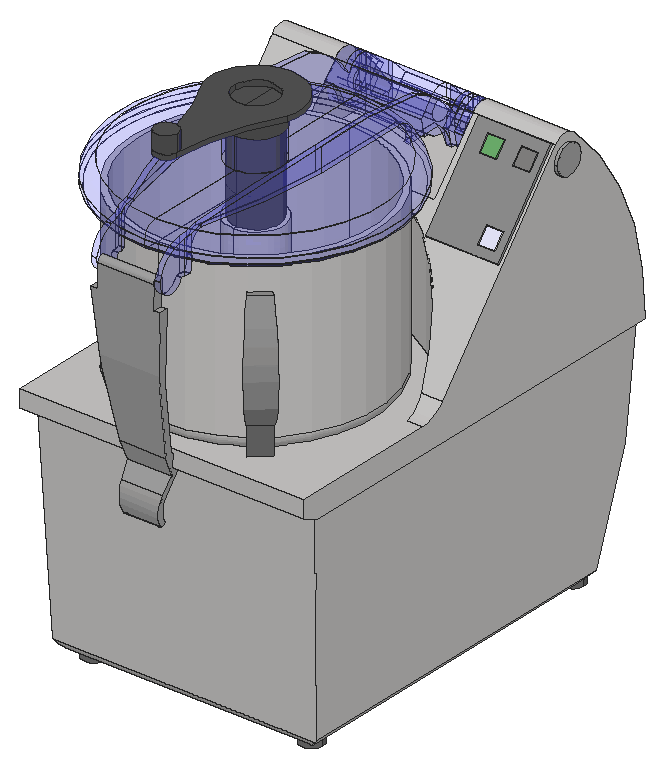
Revit family "QF_ELECTROLUXPROFESSIONAL_600501_K45Y2V", category Specialty Equipment, Revit 2018
Family settings
  Round Connector Dimension = Use Diameter
  Part Type = Normal
  Work Plane-Based = No
  Always vertical = Yes
  Cut with Voids When Loaded = No
  Shared = No
  Room Calculation Point = No
Parameters (values of type "Standard")
  Weight = 22.00 kg
  Watts = 0 W
  Volts = 380 V
  URL Manufacturer = "http://professional.electrolux.com"
  URL = "http://professional.electrolux.com"
  Steam Supply Size = 0 mm
  Steam Supply Minimum Pressure = 0.0 Pa
  Steam Supply Maximum Pressure = 0.0 Pa
  Steam Pounds per Hour = 0
  Refrigeration Suction Line Size = 0.0 mm
  Refrigeration Liquid Line Size = 0.0 mm
  Refrigerant Compressor Remote = yes
  Manufacturer = "Electrolux Professional"
  Phase = 3
  Model = "K45Y2V"
  Length Actual = 256.0 mm  # constant formula
  Item Number = "600501"
  Hot Water Size = 0 mm
  Height Actual = 482.0 mm  # constant formula
  HP = "1.2 HP"
  Gas Size = 0 mm
  Gas KW = 0
  Gas Input Pressure = 0 W
  Direct Waste Size = 0 mm
  Description = "CUTTER-MIXER 4.5L-MICROTOOTHED BLADE-2 SPEED-900W-380-440/3/50-60"
  Depth Actual = 415.0 mm  # constant formula
  Cycle = 50 Hz
  Condensate Return Size = 0 mm
  Compressed Air Volume = 0.0 L/s
  Compressed Air Size = 0 mm
  Compressed Air Pressure = 0.0 Pa
  Cold Water Size = 0 mm
  Accessory = yes
Reference planes
  plane 1 "Center (Front/Back)": y = 0
  plane 2: z = 0
  plane 3 "Center (Left/Right)": x = 0
  plane 4 "BASE": z = 6
  plane 5 "TOP": z = 685
  plane 6 "FRONT": y = -207.5
  plane 7 "BACK": y = 207.5
  plane 8 "LEFT": x = -128
  plane 9 "RIGHT": x = 128
  plane 10 "CenterX": x = -10
  plane 11 "Maniglia": through (-10, -59.177, 4000) normal (0.766, 0.6428, 0)
  plane 12 "Panel": through (4267.2, 107.252, 388.448) normal (0, 0.766, -0.6428)
  plane 13: z = 470
Forms (mm)
  Extrusion 1, solid, material "QF_Finishes_Stainless Steel"
    sketch origin (0, 0, 0) x (0, 1, 0) y (0, 0, 1)
      loop
        arc (155.897, 6) -> (160.37, 10.596) -> (163.359, 16.27) r 22.417
        arc (163.359, 16.27) -> (192.273, 107.896) -> (201.98, 203.483) r 470.678
        line (201.98, 203.483) -> (-161.42, 203.483)
        arc (-161.42, 203.483) -> (-159.547, 108.877) -> (-151.391, 14.604) r 1423.016
        arc (-151.391, 14.604) -> (-146.603, 8.365) -> (-139.103, 6) r 13.076
        line (-139.103, 6) -> (155.897, 6)
    from -128 to 128
  Extrusion 2, void
    sketch origin (0, -207.5, 0) x (-1, 0, 0) y (0, 0, 1)
      loop
        line (128, 203.483) -> (125, 203.483) -> (119.389, 16.27) -> (109.119, 6) -> (128, 6) -> (128, 203.483)
      loop
        line (-128, 203.483) -> (-128, 6) -> (-109.119, 6) -> (-119.389, 16.27) -> (-125, 203.483) -> (-128, 203.483)
    from 14.374 to 435.947
  Extrusion 3, solid, material "QF_Finishes_Stainless Steel"
    sketch origin (0, 0, 0) x (0, 1, 0) y (0, 0, 1)
      loop
        arc (207.5, 203.483) -> (187.745, 305.45) -> (127.203, 389.844) r 242.898
        arc (127.203, 389.844) -> (116.931, 393.38) -> (107.252, 388.448) r 13.902
        line (107.252, 388.448) -> (-20.106, 236.67)
        arc (-20.106, 236.67) -> (-30.264, 228.875) -> (-42.764, 226.104) r 29.578
        line (-42.764, 226.104) -> (-177.764, 226.104) -> (-177.764, 211.104) -> (-161.42, 203.483) -> (207.5, 203.483)
    from -128 to 128
  Extrusion 4, void
    sketch origin (0, -207.5, 0) x (-1, 0, 0) y (0, 0, 1)
      loop
        line (-53.607, 393.414) -> (-53.607, 336.684) -> (71.073, 336.684) -> (71.073, 393.414) -> (-53.607, 393.414)
    from 255.469 to 415
  Revolve 5, solid, material "QF_Plastic-Black"
    sketch origin (-10, 0, 0) x (0, -1, 0) y (0, 0, 1)
      loop
        line (59.177, 450.527) -> (28.516, 450.527) -> (35.424, 443.619) -> (35.424, 430.527) -> (38.194, 430.527) -> (38.194, 356.104) -> (59.177, 356.104) -> (59.177, 450.527)
      axis (59.177, 356.104) -> (59.177, 450.527)
    angle from 0 to 360
  Extrusion 6, solid, material "QF_Plastic-Black"
    sketch origin (0, 0, 0) x (1, 0, 0) y (0, 1, 0)
      loop
        arc (-48.167, -71.147) -> (-28.951, -114.517) -> (-19.956, -161.093) r 210.055
        arc (-19.956, -161.093) -> (-10, -170.155) -> (-0.044, -161.093) r 10
        arc (-0.044, -161.093) -> (8.951, -114.517) -> (28.167, -71.147) r 210.055
        arc (28.167, -71.147) -> (-10, -19.177) -> (-48.167, -71.147) r 40
    from 450.5 to 455
  Extrusion 7, solid, material "QF_Plastic-Black"
    sketch origin (0, 0, 0) x (1, 0, 0) y (0, 1, 0)
      loop
        circle (-10, -160.155) r 10
    from 455 to 470
  Extrusion 8, void
    sketch origin (0, 0, 0) x (1, 0, 0) y (0, 1, 0)
      loop
        circle (-10, -59.177) r 19
    from 427.6 to 472.8
  Extrusion 9, void
    sketch origin (0, 0, 0) x (1, 0, 0) y (0, 1, 0)
      loop
        arc (115, -59.177) -> (-10, 65.823) -> (-135, -59.177) r 125
        line (-135, -59.177) -> (115, -59.177)
    from 226.104 to 336.684
  Extrusion 10, void
    sketch origin (-20, 0, 0) x (-1, 0, 0) y (0, -1, 0)
      loop
        line (16.15, 177.864) -> (16.15, -123.86) -> (35.771, -123.86) -> (35.771, 48.192)
        arc (35.771, 48.192) -> (30.047, 105.502) -> (17.781, 161.776) r 500.876
        line (17.781, 161.776) -> (17.781, 171.776) -> (16.15, 177.864)
      loop
        line (40.771, -123.86) -> (45.852, -123.86) -> (45.852, 210.681) -> (21.15, 210.681) -> (21.15, 178.522) -> (22.781, 172.434) -> (22.781, 162.459)
        arc (22.781, 162.459) -> (35.047, 105.893) -> (40.771, 48.297) r 505.876
        line (40.771, 48.297) -> (40.771, -123.86)
    from 350.345 to 477.521
  Extrusion 11, solid, material "Glass"
    sketch origin (-20, 0, 0) x (0, 1, 0) y (0, 0, -1)
      loop
        line (-173.064, -369.647) -> (-181.303, -369.647)
        arc (-181.303, -369.647) -> (-196.341, -361.818) -> (-205.451, -376.117) r 12.548
        arc (-205.451, -376.117) -> (-199.87, -388.651) -> (-189.058, -397.099) r 28.357
        arc (-189.058, -397.099) -> (-65.868, -423.241) -> (59.99, -418.888) r 518.061
        arc (59.99, -418.888) -> (85.116, -404.522) -> (104.437, -382.973) r 90.696
        arc (104.437, -382.973) -> (113.885, -392.821) -> (127.203, -389.844) r 13.902
        arc (127.203, -389.844) -> (135.322, -382.188) -> (143.082, -374.167) r 242.898
        line (143.082, -374.167) -> (137.378, -368.464)
        arc (137.378, -368.464) -> (123.613, -353.84) -> (104.088, -358.543) r 20
        line (104.088, -358.543) -> (99.34, -358.543)
        arc (99.34, -358.543) -> (94.194, -371.609) -> (85.823, -382.884) r 53.446
        line (85.823, -382.884) -> (50.823, -382.884)
        arc (50.823, -382.884) -> (52.796, -383.701) -> (53.614, -385.674) r 2.79
        line (53.614, -385.674) -> (53.614, -390.892)
        arc (53.614, -390.892) -> (50.154, -399.244) -> (41.802, -402.703) r 11.812
        line (41.802, -402.703) -> (-160.307, -402.703)
        arc (-160.307, -402.703) -> (-168.659, -399.244) -> (-172.119, -390.892) r 11.812
        line (-172.119, -390.892) -> (-172.119, -385.826)
        arc (-172.119, -385.826) -> (-171.728, -384.361) -> (-170.659, -383.285) r 2.942
        line (-170.659, -383.285) -> (-173.064, -369.647)
      loop
        circle (117.901, -373.007) r 9.416
    from 16.15 to 45.852
  Extrusion 12, solid, material "Glass"
    sketch origin (0, 0, 0) x (0, 1, 0) y (0, 0, 1)
      loop
        line (137.378, 368.464) -> (143.082, 374.167)
        arc (143.082, 374.167) -> (135.322, 382.188) -> (127.203, 389.844) r 242.898
        arc (127.203, 389.844) -> (116.931, 393.38) -> (107.252, 388.448) r 13.902
        line (107.252, 388.448) -> (95.766, 374.76)
        arc (95.766, 374.76) -> (97.862, 366.72) -> (99.34, 358.543) r 108.872
        line (99.34, 358.543) -> (104.088, 358.543)
        arc (104.088, 358.543) -> (123.613, 353.84) -> (137.378, 368.464) r 20
      loop
        circle (117.901, 373.007) r 9.416
    from -71.073 to 53.607
  Extrusion 13, solid, material "QF_Finishes_Gray"
    sketch origin (0, 0, 0) x (0, 1, 0) y (0, 0, 1)
      loop
        arc (-182.273, 168.111) -> (-185.377, 178.111) -> (-182.273, 188.111) r 17.658
        line (-182.273, 188.111) -> (-169.592, 207.294) -> (-177.764, 211.104) -> (-177.764, 222.201) -> (-180.378, 224.815)
        arc (-180.378, 224.815) -> (-194.973, 298.318) -> (-196.805, 373.235) r 437.299
        arc (-196.805, 373.235) -> (-201.296, 377.726) -> (-205.788, 373.235) r 4.491
        arc (-205.788, 373.235) -> (-201.07, 296.739) -> (-185.461, 221.705) r 534.528
        line (-185.461, 221.705) -> (-177.764, 203.503) -> (-186.394, 190.943)
        arc (-186.394, 190.943) -> (-190.377, 178.111) -> (-186.394, 165.28) r 22.658
        arc (-186.394, 165.28) -> (-182.917, 164.635) -> (-182.273, 168.111) r 2.5
    from -49.646 to 27.326
  Extrusion 14, void
    sketch origin (0, -207.5, 0) x (-1, 0, 0) y (0, 0, 1)
      loop
        line (-15.15, 396.938) -> (-47.326, 396.938) -> (-47.326, 161.938) -> (-5.366, 161.938) -> (-20.516, 351.652) -> (-15.15, 351.652) -> (-15.15, 396.938)
      loop
        line (26.963, 161.938) -> (77.918, 161.938) -> (77.918, 396.938) -> (35.15, 396.938) -> (35.15, 351.652) -> (42.113, 351.652) -> (26.963, 161.938)
    from 46.08 to -69.339
  Extrusion 15, solid, material "Glass"
    sketch origin (0, 0, 0) x (0, 1, 0) y (0, 0, 1)
      loop
        line (-173.064, 369.647) -> (-170.659, 383.285)
        arc (-170.659, 383.285) -> (-171.728, 384.361) -> (-172.119, 385.826) r 2.942
        line (-172.119, 385.826) -> (-172.119, 390.892)
        arc (-172.119, 390.892) -> (-168.659, 399.244) -> (-160.307, 402.703) r 11.812
        line (-160.307, 402.703) -> (41.802, 402.703)
        arc (41.802, 402.703) -> (50.154, 399.244) -> (53.614, 390.892) r 11.812
        line (53.614, 390.892) -> (53.614, 385.674)
        arc (53.614, 385.674) -> (52.796, 383.701) -> (50.823, 382.884) r 2.79
        line (50.823, 382.884) -> (85.823, 382.884)
        arc (85.823, 382.884) -> (94.194, 371.609) -> (99.34, 358.543) r 53.446
        line (99.34, 358.543) -> (104.088, 358.543)
        arc (104.088, 358.543) -> (123.613, 353.84) -> (137.378, 368.464) r 20
        line (137.378, 368.464) -> (143.082, 374.167)
        arc (143.082, 374.167) -> (135.322, 382.188) -> (127.203, 389.844) r 242.898
        arc (127.203, 389.844) -> (113.885, 392.821) -> (104.437, 382.973) r 13.902
        arc (104.437, 382.973) -> (85.116, 404.522) -> (59.99, 418.888) r 90.696
        arc (59.99, 418.888) -> (-65.868, 423.241) -> (-189.058, 397.099) r 518.061
        arc (-189.058, 397.099) -> (-199.87, 388.651) -> (-205.451, 376.117) r 28.357
        arc (-205.451, 376.117) -> (-196.341, 361.818) -> (-181.303, 369.647) r 12.548
        line (-181.303, 369.647) -> (-173.064, 369.647)
      loop
        circle (117.901, 373.007) r 9.416
    from 16.15 to 45.852
  Extrusion 16, void
    sketch origin (0, 0, 0) x (1, 0, 0) y (0, 1, 0)
      loop
        line (16.15, -177.864) -> (17.781, -171.776) -> (17.781, -161.776)
        arc (17.781, -161.776) -> (30.047, -105.502) -> (35.771, -48.192) r 500.876
        line (35.771, -48.192) -> (35.771, 123.86) -> (16.15, 123.86) -> (16.15, -177.864)
      loop
        line (40.771, 123.86) -> (40.771, -48.297)
        arc (40.771, -48.297) -> (35.047, -105.893) -> (22.781, -162.459) r 505.876
        line (22.781, -162.459) -> (22.781, -172.434) -> (21.15, -178.522) -> (21.15, -210.681) -> (45.852, -210.681) -> (45.852, 123.86) -> (40.771, 123.86)
    from 350.345 to 477.521
  Revolve 17, solid, material "Glass"
    sketch origin (-10, 0, -40) x (0, -1, 0) y (0, 0, 1)
      loop
        line (38.194, 422.884) -> (38.194, 470.527) -> (35.424, 470.527) -> (35.424, 442.703) -> (-53.802, 442.703)
        arc (-53.802, 442.703) -> (-62.213, 439.268) -> (-65.732, 430.892) r 11.871
        line (-65.732, 430.892) -> (-65.732, 425.793)
        arc (-65.732, 425.793) -> (-64.88, 423.736) -> (-62.823, 422.884) r 2.909
        line (-62.823, 422.884) -> (38.194, 422.884)
      axis (59.177, 422.884) -> (59.177, 470.527)
    angle from 0 to 360
  Revolve 18, solid, material "QF_Metal-Stainless-Polished"
    sketch origin (-10, 0, 0) x (0, -1, 0) y (0, 0, 1)
      loop
        line (169.177, 382.884) -> (164.177, 382.884) -> (164.177, 237.884)
        arc (164.177, 237.884) -> (162.191, 233.09) -> (157.397, 231.104) r 6.78
        line (157.397, 231.104) -> (84.177, 231.104) -> (84.177, 356.104) -> (79.177, 356.104) -> (79.177, 226.104) -> (157.397, 226.104)
        arc (157.397, 226.104) -> (165.726, 229.554) -> (169.177, 237.884) r 11.78
        line (169.177, 237.884) -> (169.177, 382.884)
      axis (59.177, 382.884) -> (59.177, 226.104)
    angle from 0 to 360
  Extrusion 19, solid, material "QF_Plastic-Gray-Matte"
    sketch origin (-49.423, -13.925, 0) x (0.634002, 0.773331, 0) y (-0.773331, 0.634002, 0)
      loop
        line (-55.497, -222.333) -> (-26.468, -227.794) -> (-20.635, -161.119)
        arc (-20.635, -161.119) -> (-28.727, -159.898) -> (-36.729, -158.185) r 133.529
        line (-36.729, -158.185) -> (-55.497, -222.333)
    from 226.104 to 356.104
  Revolve 20, void
    sketch origin (-35.007, -29.374, 0) x (-0.642788, 0.766044, 0) y (0, 0, 1)
      loop
        arc (-155.215, 337.579) -> (-171.344, 302.579) -> (-155.215, 267.579) r 46.04
        line (-155.215, 267.579) -> (-147.754, 267.579) -> (-147.754, 337.579) -> (-155.215, 337.579)
      loop
        line (-155.215, 356.104) -> (-147.754, 356.104) -> (-147.754, 361.761) -> (-215.215, 361.761) -> (-215.215, 226.104) -> (-147.754, 226.104) -> (-147.754, 256.485) -> (-163.93, 256.485)
        arc (-163.93, 256.485) -> (-184.453, 308.471) -> (-155.215, 356.104) r 62.537
      axis (10, 361.761) -> (10, 226.104)
    angle from -8.217 to 8.652
  Extrusion 21, solid, material "QF_Finishes_Rubber Black"
    sketch origin (0, 0, 0) x (1, 0, 0) y (0, 1, 0)
      loop
        arc (57.446, -154.071) -> (64.931, -148.135) -> (72.061, -141.775) r 165.215
        line (72.061, -141.775) -> (66.401, -136.116)
        arc (66.401, -136.116) -> (59.824, -141.977) -> (52.928, -147.46) r 157.215
        line (52.928, -147.46) -> (57.446, -154.071)
    from 226.104 to 256.485
  Extrusion 22, solid, material "QF_Plastic-Gray-Matte"
    sketch origin (0, -128.336, 107.686) x (0, 0.642788, 0.766044) y (1, 0, 0)
      loop
        line (366.07, 59.066) -> (366.07, 124.8) -> (272.743, 124.8) -> (272.743, 59.066) -> (366.07, 59.066)
      loop
        line (356.63, 102.599) -> (356.63, 117.599) -> (341.63, 117.599) -> (341.63, 102.599) -> (356.63, 102.599)
      loop
        line (295.63, 102.599) -> (295.63, 117.599) -> (280.63, 117.599) -> (280.63, 102.599) -> (295.63, 102.599)
      loop
        line (356.63, 72.599) -> (356.63, 87.599) -> (341.63, 87.599) -> (341.63, 72.599) -> (356.63, 72.599)
    from -1 to 0.6
  Extrusion 23, solid, material "QF_Finishes_Red"
    sketch origin (0, -128.336, 107.686) x (0, 0.642788, 0.766044) y (1, 0, 0)
      loop
        line (356.63, 102.599) -> (356.63, 117.599) -> (341.63, 117.599) -> (341.63, 102.599) -> (356.63, 102.599)
    from -1 to 0.6
  Extrusion 24, solid, material "QF_Finishes_Green"
    sketch origin (-27.396, -127.834, 108.284) x (0, 0.642788, 0.766044) y (1, 0, 0)
      loop
        line (355.85, 99.994) -> (355.85, 114.994) -> (340.786, 114.994) -> (340.786, 99.994) -> (355.85, 99.994)
    from -1 to 0.6
  Extrusion 25, solid, material "QF_Plastic-White-Matte"
    sketch origin (0, -167.546, 60.958) x (0, 0.642788, 0.766044) y (1, 0, 0)
      loop
        line (356.63, 102.599) -> (356.63, 117.599) -> (341.63, 117.599) -> (341.63, 102.599) -> (356.63, 102.599)
    from -1 to 0.6
  Extrusion 26, solid, material "QF_Finishes_Stainless Steel"
    sketch origin (0, 207.5, 0) x (-1, 0, 0) y (0, 0, 1)
      loop
        circle (0, 202) r 10.353
    from -6.2 to 3
  Revolve 27, solid, material "QF_Door-Drawer Clearances", detail levels coarse
    sketch origin (-10, -221.856, 479.549) x (0, 0, 1) y (0, 1, 0)
      loop
        line (59.177, 490.527) -> (28.516, 490.527) -> (35.424, 483.619) -> (35.424, 470.527) -> (38.194, 470.527) -> (38.194, 442.703) -> (59.177, 442.703) -> (59.177, 490.527)
      axis (59.177, 442.703) -> (59.177, 490.527)
    angle from 0 to 360
  Extrusion 28, solid, material "QF_Door-Drawer Clearances", detail levels coarse
    sketch origin (0, -221.856, 479.549) x (1, 0, 0) y (0, 0, -1)
      loop
        arc (-48.167, -71.147) -> (-28.951, -114.517) -> (-19.956, -161.093) r 210.055
        arc (-19.956, -161.093) -> (-10, -170.155) -> (-0.044, -161.093) r 10
        arc (-0.044, -161.093) -> (8.951, -114.517) -> (28.167, -71.147) r 210.055
        arc (28.167, -71.147) -> (-10, -19.177) -> (-48.167, -71.147) r 40
    from 490.527 to 495.013
  Extrusion 29, solid, material "QF_Door-Drawer Clearances", detail levels coarse
    sketch origin (0, -221.856, 479.549) x (1, 0, 0) y (0, 0, -1)
      loop
        circle (-10, -160.155) r 10
    from 495.013 to 510.592
  Extrusion 30, void
    sketch origin (-20, -221.856, 479.359) x (-1, 0, 0) y (0, 0, 1)
      loop
        line (16.15, 177.864) -> (16.15, -123.86) -> (35.771, -123.86) -> (35.771, 48.192)
        arc (35.771, 48.192) -> (30.047, 105.502) -> (17.781, 161.776) r 500.876
        line (17.781, 161.776) -> (17.781, 171.776) -> (16.15, 177.864)
      loop
        line (40.771, -123.86) -> (45.852, -123.86) -> (45.852, 210.681) -> (21.15, 210.681) -> (21.15, 178.522) -> (22.781, 172.434) -> (22.781, 162.459)
        arc (22.781, 162.459) -> (35.047, 105.893) -> (40.771, 48.297) r 505.876
        line (40.771, 48.297) -> (40.771, -123.86)
    from 350.345 to 477.521
  Extrusion 31, solid, material "QF_Door-Drawer Clearances", detail levels coarse
    sketch origin (-20, -221.856, 479.359) x (0, 0, -1) y (0, -1, 0)
      loop
        line (-173.064, -409.647) -> (-181.303, -409.647)
        arc (-181.303, -409.647) -> (-196.341, -401.818) -> (-205.451, -416.117) r 12.548
        arc (-205.451, -416.117) -> (-199.87, -428.651) -> (-189.058, -437.099) r 28.357
        arc (-189.058, -437.099) -> (-65.868, -463.241) -> (59.99, -458.888) r 518.061
        arc (59.99, -458.888) -> (92.246, -438.11) -> (113.023, -405.855) r 90.696
        arc (113.023, -405.855) -> (114.903, -399.662) -> (115.972, -393.28) r 50.278
        arc (115.972, -393.28) -> (121.968, -392.806) -> (127.203, -389.844) r 13.902
        arc (127.203, -389.844) -> (129.309, -387.924) -> (131.393, -385.98) r 242.898
        arc (131.393, -385.98) -> (114.739, -373.307) -> (99.238, -359.247) r 242.898
        arc (99.238, -359.247) -> (87.934, -393.903) -> (65.823, -422.884) r 108.872
        line (65.823, -422.884) -> (50.823, -422.884)
        arc (50.823, -422.884) -> (52.796, -423.701) -> (53.614, -425.674) r 2.79
        line (53.614, -425.674) -> (53.614, -430.892)
        arc (53.614, -430.892) -> (50.154, -439.244) -> (41.802, -442.703) r 11.812
        line (41.802, -442.703) -> (-160.307, -442.703)
        arc (-160.307, -442.703) -> (-168.659, -439.244) -> (-172.119, -430.892) r 11.812
        line (-172.119, -430.892) -> (-172.119, -425.826)
        arc (-172.119, -425.826) -> (-171.728, -424.361) -> (-170.659, -423.285) r 2.942
        line (-170.659, -423.285) -> (-173.064, -409.647)
    from 16.15 to 45.852
  Extrusion 32, void
    sketch origin (0, -221.856, 479.359) x (1, 0, 0) y (0, 0, -1)
      loop
        line (16.15, -177.864) -> (17.781, -171.776) -> (17.781, -161.776)
        arc (17.781, -161.776) -> (30.047, -105.502) -> (35.771, -48.192) r 500.876
        line (35.771, -48.192) -> (35.771, 123.86) -> (16.15, 123.86) -> (16.15, -177.864)
      loop
        line (40.771, 123.86) -> (40.771, -48.297)
        arc (40.771, -48.297) -> (35.047, -105.893) -> (22.781, -162.459) r 505.876
        line (22.781, -162.459) -> (22.781, -172.434) -> (21.15, -178.522) -> (21.15, -210.681) -> (45.852, -210.681) -> (45.852, 123.86) -> (40.771, 123.86)
    from 350.345 to 477.521
  Extrusion 33, solid, material "QF_Door-Drawer Clearances", detail levels coarse
    sketch origin (0, -221.856, 479.359) x (0, 0, -1) y (0, 1, 0)
      loop
        line (-173.064, 409.647) -> (-170.659, 423.285)
        arc (-170.659, 423.285) -> (-171.728, 424.361) -> (-172.119, 425.826) r 2.942
        line (-172.119, 425.826) -> (-172.119, 430.892)
        arc (-172.119, 430.892) -> (-168.659, 439.244) -> (-160.307, 442.703) r 11.812
        line (-160.307, 442.703) -> (41.802, 442.703)
        arc (41.802, 442.703) -> (50.154, 439.244) -> (53.614, 430.892) r 11.812
        line (53.614, 430.892) -> (53.614, 425.674)
        arc (53.614, 425.674) -> (52.796, 423.701) -> (50.823, 422.884) r 2.79
        line (50.823, 422.884) -> (65.823, 422.884)
        arc (65.823, 422.884) -> (87.934, 393.903) -> (99.238, 359.247) r 108.872
        arc (99.238, 359.247) -> (114.739, 373.307) -> (131.393, 385.98) r 242.898
        arc (131.393, 385.98) -> (129.309, 387.924) -> (127.203, 389.844) r 242.898
        arc (127.203, 389.844) -> (121.968, 392.806) -> (115.972, 393.28) r 13.902
        arc (115.972, 393.28) -> (114.903, 399.662) -> (113.023, 405.855) r 50.278
        arc (113.023, 405.855) -> (92.246, 438.11) -> (59.99, 458.888) r 90.696
        arc (59.99, 458.888) -> (-65.868, 463.241) -> (-189.058, 437.099) r 518.061
        arc (-189.058, 437.099) -> (-199.87, 428.651) -> (-205.451, 416.117) r 28.357
        arc (-205.451, 416.117) -> (-196.341, 401.818) -> (-181.303, 409.647) r 12.548
        line (-181.303, 409.647) -> (-173.064, 409.647)
    from 16.15 to 45.852
  Revolve 34, solid, material "QF_Door-Drawer Clearances", detail levels coarse
    sketch origin (-10, -221.856, 479.549) x (0, 0, 1) y (0, 1, 0)
      loop
        line (38.194, 422.884) -> (38.194, 470.527) -> (35.424, 470.527) -> (35.424, 442.703) -> (-53.802, 442.703)
        arc (-53.802, 442.703) -> (-62.213, 439.268) -> (-65.732, 430.892) r 11.871
        line (-65.732, 430.892) -> (-65.732, 425.793)
        arc (-65.732, 425.793) -> (-64.88, 423.736) -> (-62.823, 422.884) r 2.909
        line (-62.823, 422.884) -> (38.194, 422.884)
      axis (59.177, 422.884) -> (59.177, 470.527)
    angle from 0 to 360
  Extrusion 35, solid, material "QF_Finishes_Rubber Black"
    sketch origin (0, 0, 0) x (1, 0, 0) y (0, 1, 0)
      loop
        circle (-98.592, 163.359) r 10
      loop
        circle (-98.592, -131.641) r 10
      loop
        circle (98.592, 163.359) r 10
      loop
        circle (98.592, -131.641) r 10
    from 0 to 6
  Extrusion 36, solid, material "QF_Finishes_Gray"
    sketch origin (0, 0, 0) x (0, 1, 0) y (0, 0, 1)
      loop
        circle (117.901, 373.007) r 13.005
    from 131.516 to 128
  Extrusion 37, solid, material "QF_Finishes_Gray"
    sketch origin (0, 0, 0) x (0, 1, 0) y (0, 0, -1)
      loop
        circle (117.901, -373.007) r 13.005
    from 131.516 to 128
Cuts and joins
  Extrusion 2, Extrusion 8, Extrusion 9 cuts Extrusion 1
  Extrusion 4, Extrusion 9 cuts Extrusion 3
  Extrusion 8 cuts Extrusion 6
  Extrusion 10, Extrusion 16, Extrusion 30, Extrusion 32 cuts Extrusion 11
  Extrusion 14, Extrusion 16, Extrusion 30 cuts Extrusion 13
  Extrusion 16, Extrusion 30, Extrusion 32 cuts Extrusion 12
  Extrusion 16 cuts Extrusion 15
  Revolve 20 cuts Extrusion 19
  Extrusion 30 cuts Revolve 17
  Extrusion 30 cuts Revolve 18
  Extrusion 30, Extrusion 32 cuts Extrusion 31
  Extrusion 32 cuts Extrusion 33
Lines and regions (mm)
  symbolic lines
    curve 1: arc (-10, -172.155, 0) -> (3.999, -171.284, 0) -> (17.781, -168.686, 0) r 112.979
    curve 2: arc (-10, -184.085, 0) -> (-23.148, -183.391, 0) -> (-36.15, -181.317, 0) r 124.909
    curve 3: line (128, -157.764, 0) -> (128, 187.57, 0)
    curve 4: line (124.8, 106.204, 0) -> (59.066, 106.204, 0)
    curve 5: line (102.599, 90.494, 0) -> (117.599, 90.494, 0)
    curve 6: line (117.599, 62.151, 0) -> (102.599, 62.151, 0)
    curve 7: line (102.599, 51.284, 0) -> (117.599, 51.284, 0)
    curve 8: line (102.599, 62.151, 0) -> (102.599, 51.284, 0)
    curve 9: line (117.599, 51.284, 0) -> (117.599, 62.151, 0)
    curve 10: line (117.599, 90.494, 0) -> (117.599, 101.361, 0)
    curve 11: line (102.599, 101.361, 0) -> (102.599, 90.494, 0)
    curve 12: arc (-0.044, -161.093, 0) -> (8.951, -114.517, 0) -> (28.167, -71.147, 0) r 210.055
    curve 13: arc (28.167, -71.147, 0) -> (-10, -19.177, 0) -> (-48.167, -71.147, 0) r 40
    curve 14: arc (-48.167, -71.147, 0) -> (-28.951, -114.517, 0) -> (-19.956, -161.093, 0) r 210.055
    curve 15: arc (-19.956, -161.093, 0) -> (-10, -170.155, 0) -> (-0.044, -161.093, 0) r 10
    curve 16: arc (0, -160.155, 0) -> (-10, -150.155, 0) -> (-20, -160.155, 0) r 10
    curve 17: arc (-55.771, -48.192, 0) -> (-50.047, -105.502, 0) -> (-37.781, -161.776, 0) r 500.876
    curve 18: arc (-42.781, -162.459, 0) -> (-55.047, -105.893, 0) -> (-60.771, -48.297, 0) r 505.876
    curve 19: line (-55.771, 123.86, 0) -> (-55.771, -48.192, 0)
    curve 20: line (-60.771, -48.297, 0) -> (-60.771, 123.86, 0)
    curve 21: line (40.771, 123.86, 0) -> (40.771, -48.297, 0)
    curve 22: line (35.771, -48.192, 0) -> (35.771, 123.86, 0)
    curve 23: arc (40.771, -48.297, 0) -> (35.047, -105.893, 0) -> (22.781, -162.459, 0) r 505.876
    curve 24: arc (17.781, -161.776, 0) -> (30.047, -105.502, 0) -> (35.771, -48.192, 0) r 500.876
    curve 25: line (22.781, -162.459, 0) -> (22.781, -172.434, 0)
    curve 26: line (17.781, -171.776, 0) -> (17.781, -161.776, 0)
    curve 27: line (16.15, -177.864, 0) -> (17.781, -171.776, 0)
    curve 28: line (22.781, -172.434, 0) -> (21.15, -178.522, 0)
    curve 29: line (21.15, -178.522, 0) -> (21.15, -205.641, 0)
    curve 30: line (-37.781, -161.776, 0) -> (-37.781, -171.776, 0)
    curve 31: line (-42.781, -172.434, 0) -> (-42.781, -162.459, 0)
    curve 32: line (-41.15, -178.522, 0) -> (-42.781, -172.434, 0)
    curve 33: line (-37.781, -171.776, 0) -> (-36.15, -177.864, 0)
    curve 34: line (-41.15, -205.641, 0) -> (-41.15, -178.522, 0)
    curve 35: spline (22.008, -197.61, 0) -> (21.937, -197.617, 0) -> (21.865, -197.622, 0) -> (21.794, -197.626, 0) -> (21.722, -197.627, 0) -> (21.651, -197.627, 0) -> (21.579, -197.625, 0) -> (21.508, -197.621, 0) -> (21.436, -197.615, 0) -> (21.365, -197.608, 0) -> (21.293, -197.598, 0) -> (21.222, -197.587, 0) -> (21.15, -197.574, 0)
    curve 36: line (-71.073, 171.51, 0) -> (53.607, 171.51, 0)
    curve 37: line (59.066, 46.214, 0) -> (124.8, 46.214, 0)
    curve 38: line (59.066, 106.204, 0) -> (59.066, 46.214, 0)
    curve 39: line (124.8, 46.214, 0) -> (124.8, 107.429, 0)
    curve 40: line (53.607, 48.324, 0) -> (53.607, 171.51, 0)
    curve 41: line (-71.073, 171.51, 0) -> (-71.073, 49.783, 0)
    curve 42: arc (40.771, 54.948, 0) -> (114.476, -69.566, 0) -> (21.15, -180.138, 0) r 124.909
    curve 43: arc (-60.771, 41.751, 0) -> (-122.562, -68.863, 0) -> (-42.781, -167.295, 0) r 112.979
    curve 44: line (93.154, -162.392, 0) -> (78.293, -147.531, 0)
    curve 45: line (93.154, -162.392, 0) -> (74.048, -178.424, 0)
    curve 46: line (74.048, -178.424, 0) -> (61.96, -161.274, 0)
    curve 47: arc (-37.781, -168.686, 0) -> (-23.999, -171.284, 0) -> (-10, -172.155, 0) r 112.979
    curve 48: arc (-41.15, -180.138, 0) -> (-94.625, -151.05, 0) -> (-128, -100.142, 0) r 124.909
    curve 49: arc (22.781, -167.295, 0) -> (102.562, -68.863, 0) -> (40.771, 41.751, 0) r 112.979
    curve 50: arc (16.15, -181.317, 0) -> (3.148, -183.391, 0) -> (-10, -184.085, 0) r 124.909
    curve 51: line (16.15, -205.242, 0) -> (16.15, -177.864, 0)
    curve 52: line (-36.15, -205.641, 0) -> (-36.15, -177.864, 0)
    curve 53: line (-41.15, -205.641, 0) -> (21.15, -205.641, 0)
    curve 54: line (22.008, -205.53, 0) -> (22.008, -197.61, 0)
    curve 55: line (22.008, -205.53, 0) -> (21.15, -205.53, 0)
    curve 56: spline (-42.008, -197.61, 0) -> (-41.937, -197.617, 0) -> (-41.865, -197.622, 0) -> (-41.794, -197.626, 0) -> (-41.722, -197.627, 0) -> (-41.651, -197.627, 0) -> (-41.579, -197.625, 0) -> (-41.508, -197.621, 0) -> (-41.436, -197.615, 0) -> (-41.365, -197.608, 0) -> (-41.293, -197.598, 0) -> (-41.222, -197.587, 0) -> (-41.15, -197.574, 0)
    curve 57: line (-42.008, -205.53, 0) -> (-42.008, -197.61, 0)
    curve 58: line (-42.008, -205.53, 0) -> (-41.15, -205.53, 0)
    curve 59: arc (-128, -18.211, 0) -> (-101.973, 25.34, 0) -> (-60.771, 54.948, 0) r 124.909
    curve 60: arc (-128, -100.142, 0) -> (-134.909, -59.177, 0) -> (-128, -18.211, 0) r 124.909
    curve 61: line (-108, -177.764, 0) -> (-49.233, -177.764, 0)
    curve 62: line (-128, 187.57, 0) -> (-128, -17.764, 0)
    curve 63: line (29.233, -177.764, 0) -> (108, -177.764, 0)
    curve 64: line (-128, -97.764, 0) -> (-128, -157.764, 0)
    curve 65: line (-108, 207.57, 0) -> (108, 207.57, 0)
    curve 66: arc (-128, -157.764, 0) -> (-122.142, -171.906, 0) -> (-108, -177.764, 0) r 20
    curve 67: arc (108, -177.764, 0) -> (122.142, -171.906, 0) -> (128, -157.764, 0) r 20
    curve 68: arc (128, 187.57, 0) -> (122.142, 201.713, 0) -> (108, 207.57, 0) r 20
    curve 69: arc (-108, 207.57, 0) -> (-122.142, 201.713, 0) -> (-128, 187.57, 0) r 20
    curve 70: line (45.852, 123.86, 0) -> (-71.073, 123.86, 0)
    curve 71: line (45.852, 137.378, 0) -> (-65.852, 137.378, 0)
    curve 72: line (45.852, 143.082, 0) -> (-65.852, 143.082, 0)
    curve 73: line (53.607, 123.86, 0) -> (45.852, 123.86, 0)
    curve 74: line (45.852, 123.86, 0) -> (45.852, 170.216, 0)
    curve 75: line (45.852, 170.216, 0) -> (-65.852, 170.216, 0)
    curve 76: line (-65.852, 170.216, 0) -> (-65.852, 123.86, 0)
    curve 77: line (102.599, 101.361, 0) -> (117.599, 101.361, 0)
    curve 78: line (72.599, 90.494, 0) -> (87.599, 90.494, 0)
    curve 79: line (87.599, 90.494, 0) -> (87.599, 101.361, 0)
    curve 80: line (72.599, 101.361, 0) -> (72.599, 90.494, 0)
    curve 81: line (72.599, 101.361, 0) -> (87.599, 101.361, 0)
Dimensions and locks
  plane 4 "BASE" to level = 6.0 mm
  plane 5 "TOP" to level = 685.0 mm  (x2)
  plane 8 "LEFT" to plane 3 "Center (Left/Right)" to plane 9 "RIGHT" = 128.0 mm, 128.0 mm
  plane 7 "BACK" to plane 1 "Center (Front/Back)" to plane 6 "FRONT" = 207.5 mm, 207.5 mm
  plane 7 "BACK" to plane 6 "FRONT" = 415.0 mm
  plane 8 "LEFT" to plane 9 "RIGHT" = 256.0 mm
  plane 10 "CenterX" to plane 3 "Center (Left/Right)" = 10.0 mm
  plane 13 to level = 470.0 mm
  aligned and locked: level to plane 2
  aligned and locked: Extrusion 22 sketch curve to Extrusion 23
Connectors
  electrical at (0, 210.5, 202)
    settings: on Extrusion 26, index 1, voltage 0 V, apparent load 0 VA, apparent load phase1 0 VA, apparent load phase2 0 VA, apparent load phase3 0 VA, power factor 1, load classification "Other", number of poles 1, system type 30, power factor state 1, is connector primary yes, connector utility no, sub classification motor no, connector description "Electrical connection"
